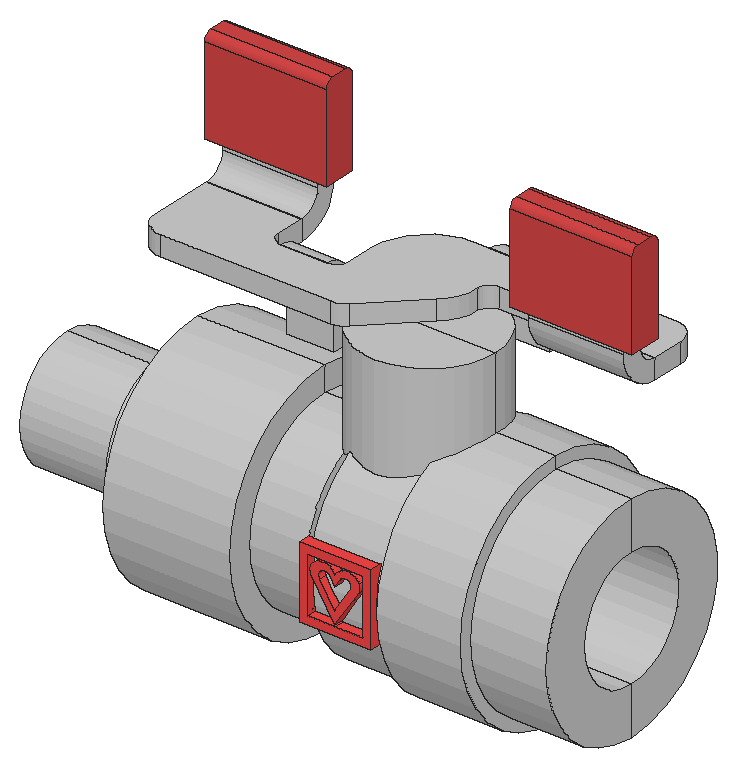
Revit family "Kugelhahn mit Knebelgriff (Blech) 2211", category Rohrzubehör, Revit 2018
Family settings
  Bemaßung runder Anschluss = Durchmesser verwenden
  Teiletyp = Unterbricht
  OmniClass-Nummer = 23.65.55.14
  OmniClass-Titel = Valves for Liquid Services
  Arbeitsebenenbasiert = Nein
  Immer vertikal = Ja
  Beim Laden mit Abzugskörper schneiden = Nein
  Gemeinsam genutzt = Nein
Parameters
  Min.Betriebstemperatur (Wasser) = 0.5 °C  # constant formula
  Min.Betriebstemperatur = -30 °C  # constant formula
  Max.Betriebstemperatur (Wasser - kein Dampf) = 110 °C  # constant formula
  Max.Betriebstemperatur = 150 °C  # constant formula
  Max.Betriebsdruck (Verschraubung) = 1600000.0 Pa  # constant formula
  Max.Betriebsdruck = 2500000.0 Pa  # constant formula
  W01 = 135.00°  # constant formula
  VRL02 [instance] = size_lookup("2211_3X_", "VRL2", 1.000 mm, Nennweite)  # 16.500 mm
  VRL01 [instance] = size_lookup("2211_3X_", "VRL1", 1.000 mm, Nennweite)  # 16.000 mm
  VRD02 [instance] = size_lookup("2211_3X_", "VRD2", 1.000 mm, Nennweite)  # 15.000 mm
  VRD01 [instance] = size_lookup("2211_3X_", "VRD1", 1.000 mm, Nennweite)  # 10.500 mm
  URL = "www.herz-armaturen.at"
  Spindeldichtung = "PTFE"  # constant formula
  Spindel = "Messing nach EN 12164, CW614N"  # constant formula
  SCRNSEQ = "ARM;ARM_TYP=\"ABVS\";2"
  SCRNCODE = "05;10;02"  # constant formula
  S04 [instance] = L07 + VRL01 + VRL02  # 45.600 mm
  S03 = 10.000 mm  # constant formula
  S02 [instance] = 2 * D01  # 19.050 mm
  S01 [instance] = L01 + L02 + L06  # 47.100 mm
  R01 [instance] = size_lookup("2211_3X_", "R1", 1.000 mm, Nennweite)  # 8.500 mm
  Nennweite [instance] = 15.000 mm
  Medium = "Heizungswasserqualität nach ÖNORM H 5195 oder VDI-Richtline 2035.\r\nDie Verwendung von Ethylen- oder Propylenglykol in einem Mischungsverhältnis 25 - 50% ist zulässig."
  L07 [instance] = L01 - L03  # 13.100 mm
  L06 [instance] = size_lookup("2211_3X_", "L6", 1.000 mm, Nennweite)  # 9.600 mm
  L05 [instance] = size_lookup("2211_3X_", "L5", 1.000 mm, Nennweite)  # 19.900 mm
  L04 [instance] = size_lookup("2211_3X_", "L4", 1.000 mm, Nennweite)  # 10.500 mm
  L03 [instance] = size_lookup("2211_3X_", "L3", 1.000 mm, Nennweite)  # 8.400 mm
  L02 [instance] = size_lookup("2211_3X_", "L2", 1.000 mm, Nennweite)  # 16.000 mm
  L01 [instance] = size_lookup("2211_3X_", "L1", 1.000 mm, Nennweite)  # 21.500 mm
  Kugeldichtung = "PTFE"  # constant formula
  Kugel = "geschmiedetes Messing nach EN 12165, voller Durchgang, verchromt, CW617N"  # constant formula
  Innengewinde = "nach ISO 228-1"  # constant formula
  IG [instance] = Nennweite / 2  # 7.500 mm
  Hersteller = "HERZ Armaturen Ges.m.b.H"  # constant formula
  H01 [instance] = size_lookup("2211_3X_", "H1", 1.000 mm, Nennweite)  # 24.000 mm
  Griff = "Knebelgriff rot, Stahlblech beschichtet"  # constant formula
  Gewicht [instance] = if(Nennweite = 15.000 mm, 0.23, if(Nennweite = 20.000 mm, 0.382, if(Nennweite = 25.000 mm, 0.669, if(Nennweite = 32.000 mm, 1.022, 0))))  # 0.23
  Gehäuse = "geschmiedetes Messing nach EN 12165, vernickelt, CW617N"  # constant formula
  GT1 [instance] = size_lookup("2211_3X_", "GT1", 1.000 mm, Nennweite)  # 10.000 mm
  GT [instance] = size_lookup("2211_3X_", "GT", 1.000 mm, Nennweite)  # 13.200 mm
  Einsatzbereich = "Kugelhähne werden zum Absperren von Leitungen und Anlagen verwendet.\r\nEinsatzbereiche sind Heizungs- und Kälteanlagen.\r\nDer Kugelhahn ist nicht geeignet für die Durchflussregelung und muss immer in voll geöffneter oder geschlossener Position verwendet werden."
  Dichtung (Verschraubung) DN32-DN50 = "KLINGER (Flachdichtung)"  # constant formula
  Dichtung (Verschraubung) DN15-DN25 = "EPDM (O-Ring)"  # constant formula
  DN25-DN32 [instance] = if(Nennweite = 25.000 mm, 38.000 mm, 43.000 mm)  # 43.000 mm
  DN25+DN32 [instance] = or(Nennweite = 25.000 mm, Nennweite = 32.000 mm)  # no
  DN15-DN20 [instance] = if(Nennweite = 15.000 mm, 28.000 mm, 31.000 mm)  # 28.000 mm
  DN15+DN20 [instance] = or(Nennweite = 15.000 mm, Nennweite = 20.000 mm)  # yes
  D05 [instance] = size_lookup("2211_3X_", "D5", 1.000 mm, Nennweite)  # 13.500 mm
  D04 [instance] = size_lookup("2211_3X_", "D4", 1.000 mm, Nennweite)  # 14.000 mm
  D03 [instance] = size_lookup("2211_3X_", "D3", 1.000 mm, Nennweite)  # 15.000 mm
  D02 [instance] = size_lookup("2211_3X_", "D2", 1.000 mm, Nennweite)  # 12.000 mm
  D01 [instance] = size_lookup("2211_3X_", "D1", 1.000 mm, Nennweite)  # 9.525 mm
  Bestellnummer [instance] = size_lookup("2211_3X_", "Artnr", 0, Nennweite)  # 1221131
  Außengewinde = "nach ISO 7-1"  # constant formula
  Anwendungen = "Der Kugelhahn wird in der Installation als Absperreinrichtung verwendet.\r\nAnwendungsgebiete sind Zentralheizungs- und Kälteanlagenlagen.\r\nDie Betriebsbedingungen (wie Temperatur und Druck) sollten konstant gehalten werden."
  AG [instance] = Nennweite / 2  # 7.500 mm
Reference planes
  plane 1 "Mitte (Vorne/hinten)": y = 0
  plane 2: z = 0
  plane 3 "Mitte (Links/rechts)": x = 0
Forms (mm)
  Revolve 1, solid, material "Messing, vernickelt", detail levels fine
    sketch origin (0, 0, 0) x (1, 0, 0) y (0, 0, 1)
      loop
        line (16, 13.5) -> (16, 15) -> (5.5, 15) -> (5.5, 14) -> (-3.9, 14) -> (-5.9, 12) -> (-13.1, 12) -> (-13.1, 9.525) -> (-21.5, 9.525) -> (-21.5, 0) -> (15.6, 0) -> (15.6, 7.5) -> (25.6, 7.5) -> (25.6, 13.5) -> (16, 13.5)
      axis (-21.5, 0) -> (25.6, 0)
    angle from 0 to 360
  Revolve 2, solid, material "Messing, vernickelt", detail levels fine
    sketch origin (0, 0, 0) x (1, 0, 0) y (0, 0, 1)
      loop
        line (0, 0) -> (5.522, 0) -> (5.522, 8.202) -> (8.5, 8.202) -> (8.5, 24) -> (0, 24) -> (0, 0)
      axis (0, 24) -> (0, 0)
    angle from 0 to 360
  Revolve 3, solid, material "Messing, vernickelt", detail levels fine
    sketch origin (0, 0, 0) x (1, 0, 0) y (0, 0, 1)
      loop
        line (-13.1, 9.525) -> (-13.1, 15) -> (-29.1, 15) -> (-29.1, 10.5) -> (-32.4, 10.5) -> (-32.4, 7.5) -> (-45.6, 7.5) -> (-45.6, 0) -> (-21.5, 0) -> (-21.5, 9.525) -> (-13.1, 9.525)
      axis (-45.6, 0) -> (-13.1, 0)
    angle from 0 to 360
Lines and regions (mm)
  model lines, detail levels coarse+medium
    curve 1: line (-23.55, 9.525, 0) -> (-23.55, -9.525, 0)
    curve 2: line (-23.55, -9.525, 0) -> (23.55, 9.525, 0)
    curve 3: line (23.55, 9.525, 0) -> (23.55, -9.525, 0)
    curve 4: line (23.55, -9.525, 0) -> (-23.55, 9.525, 0)
    curve 5: circle (0, 0, 0) r 9.525 normal (0, 0, 1)
    curve 6: line (-23.55, 0, 9.525) -> (-23.55, 0, -9.525)
    curve 7: line (-23.55, 0, -9.525) -> (23.55, 0, 9.525)
    curve 8: line (23.55, 0, 9.525) -> (23.55, 0, -9.525)
    curve 9: line (23.55, 0, -9.525) -> (-23.55, 0, 9.525)
    curve 10: circle (0, 0, 0) r 9.525 normal (0, -1, 0)
    curve 11: line (-23.55, 0, 9.525) -> (-33.55, 0, 9.525)
    curve 12: line (-33.55, 0, 9.525) -> (-23.55, 0, 0)
    curve 13: line (-23.55, 0, -9.525) -> (-33.55, 0, -9.525)
    curve 14: line (-33.55, 0, -9.525) -> (-23.55, 0, 0)
    curve 15: line (-23.55, 0, 0) -> (-45.6, 0, 0)
    curve 16: line (-23.55, 9.525, 0) -> (-33.55, 9.525, 0)
    curve 17: line (-33.55, 9.525, 0) -> (-23.55, 0, 0)
    curve 18: line (-23.55, -9.525, 0) -> (-33.55, -9.525, 0)
    curve 19: line (-33.55, -9.525, 0) -> (-23.55, 0, 0)
    curve 20: line (-23.55, 0, 0) -> (-45.6, 0, 0)
Dimensions and locks
  "L01": Revolve 1 sketch curve to plane 3 "Mitte (Links/rechts)"
  "L02": Revolve 1 sketch curve to plane 3 "Mitte (Links/rechts)"
  "D01": Revolve 1 sketch curve to plane 2
  "D02": Revolve 1 sketch curve to plane 2
  "L03": Revolve 1 sketch curve to Revolve 1 sketch curve
  "R01": Revolve 2 sketch curve to plane 3 "Mitte (Links/rechts)"
  "H01": Revolve 2 sketch curve to plane 2
  "D03": Revolve 1 sketch curve to plane 2
  "D04": Revolve 1 sketch curve to plane 2
  "L04": Revolve 1 sketch curve to Revolve 1 sketch curve
  "L05": Revolve 1 sketch curve to Revolve 1 sketch curve
  "IG": Revolve 1 sketch curve to Revolve 1 sketch curve
  "GT1": Revolve 1 sketch curve to Revolve 1 sketch curve
  "L06": Revolve 1 sketch curve to Revolve 1 sketch curve
  "D05": Revolve 1 sketch curve to Revolve 1 sketch curve
  "D04": nested 1 to plane 1 "Mitte (Vorne/hinten)"
  equal spacing: curve 2, plane 1 "Mitte (Vorne/hinten)", curve 4
  equal spacing: curve 4, plane 1 "Mitte (Vorne/hinten)", curve 3
  "S02": curve 4 to curve 2
  "S02": curve 3 to curve 4
  equal spacing: curve 1, plane 3 "Mitte (Links/rechts)", curve 3
  "S01": curve 1 to curve 3
  "S02": curve 9 to curve 7
  equal spacing: curve 9, plane 2, curve 7
  equal spacing: curve 8, plane 2, curve 9
  "S02": curve 8 to curve 9
  "S01": curve 6 to curve 8
  equal spacing: curve 6, plane 3 "Mitte (Links/rechts)", curve 8
  "AG": Revolve 3 sketch curve to plane 2
  "D01": Revolve 3 sketch curve to Revolve 3 sketch curve
  "L03": Revolve 3 sketch curve to Revolve 3 sketch curve
  "L07": plane 3 "Mitte (Links/rechts)" to Revolve 3 sketch curve
  "VRL01": Revolve 3 sketch curve to Revolve 3 sketch curve
  "VRL02": Revolve 3 sketch curve to Revolve 3 sketch curve
  "GT": Revolve 3 sketch curve to Revolve 3 sketch curve
  "VRD01": Revolve 3 sketch curve to level
  "VRD02": Revolve 3 sketch curve to Revolve 3 sketch curve
  "S04": plane 3 "Mitte (Links/rechts)" to curve 15
  "S03": curve 12 to curve 6
  "S03": curve 17 to curve 1
  "S04": curve 20 to plane 3 "Mitte (Links/rechts)"
  "DN15-DN20": nested 2 to plane 2
  "DN25-DN32": nested 3 to plane 2
  "S02": diameter of curve 5
  "S02": diameter of curve 10
  "W01": angle Revolve 1 sketch curve to Revolve 1 sketch curve
  aligned and locked: level to plane 2
Automatic sketch dimensions
  curve 10 to level = 0.000 mm
  curve 10 to plane 3 "Mitte (Links/rechts)" = 0.000 mm
  curve 15 to level = 0.000 mm
  curve 12 to level = 0.000 mm
  curve 13 to curve 6 = 10.000 mm
  plane 1 "Mitte (Vorne/hinten)" to curve 5 = 0.000 mm
  curve 5 to plane 3 "Mitte (Links/rechts)" = 0.000 mm
  plane 1 "Mitte (Vorne/hinten)" to curve 20 = 0.000 mm
  plane 1 "Mitte (Vorne/hinten)" to curve 19 = 0.000 mm
  curve 18 to curve 1 = 10.000 mm
  Revolve 1 sketch curve to level = 0.000 mm  (x2)
  Revolve 1 sketch curve to Revolve 1 sketch curve = 1481.630 mm
  Revolve 1 sketch curve to Revolve 1 sketch curve = 1814.648 mm
  Revolve 2 sketch curve to level = 0.000 mm
  Revolve 2 sketch curve to plane 3 "Mitte (Links/rechts)" = 0.000 mm  (x2)
  plane 3 "Mitte (Links/rechts)" to Revolve 2 sketch curve = 5.522 mm
  level to Revolve 2 sketch curve = 8.202 mm
  Revolve 2 sketch curve to Revolve 2 sketch curve = 366.045 mm
  Revolve 2 sketch curve to Revolve 2 sketch curve = 2190.315 mm
  Revolve 3 sketch curve to level = 0.000 mm  (x2)
  Revolve 3 sketch curve to Revolve 3 sketch curve = 1461.804 mm
  plane 3 "Mitte (Links/rechts)" to Revolve 3 sketch curve = 1839.148 mm
Nested families
  nested 1: "Herz-Logo-vorne" at (0, -14, 0) x (0, 1, 0) z (0, 0, 1), type "Herz-Logo-vorne", detail levels fine
  nested 2: "Knebelgriff (Blech) DN15-DN20" at (0, 0, 28), visible <- "DN15+DN20", type "Knebelgriff (Blech) DN15-DN20"
  nested 3: "Knebelgriff (Blech) DN25-DN32" at (0, 0, 43), visible <- "DN25+DN32", type "Knebelgriff (Blech) DN25-DN32"
Connectors
  piping at (6.5, 0, 0), diameter 15, driven by "Nennweite"
    settings: on Revolve 1, index 1, connector inside diameter 609.6 mm, connector length 0.000 mm, flow factor 0, pipe flow 0.0 L/s, pressure drop 0.0 Pa, fitting loss kfactor 0, connector angle 0.00°, fixture units 0, engagement length 0.000 mm, angle of deflection 0.00°, flow configuration 0, flow direction 0, fitting loss method 0, system type 7, joint type 0, gender type 0, connector reference index -1, connector utility 0, adjustable connector no, is connector primary yes, connector description ""
  piping at (-45.6, 0, 0), diameter 15, driven by "Nennweite"
    settings: on Revolve 3, index 2, connector inside diameter 609.6 mm, connector length 0.000 mm, flow factor 0, pipe flow 0.0 L/s, pressure drop 0.0 Pa, fitting loss kfactor 0, connector angle 0.00°, fixture units 0, engagement length 0.000 mm, angle of deflection 0.00°, flow configuration 0, flow direction 0, fitting loss method 0, system type 7, joint type 0, gender type 0, connector reference index -1, connector utility 0, adjustable connector no, is connector primary no, connector description ""
Definition of nested family "Herz-Logo-vorne"
  Reference planes
    plane 1 "Mitte (Vorne/hinten)": y = 0
    plane 2: z = 0
    plane 3 "Mitte (Links/rechts)": x = 0
  Forms (mm)
    Extrusion 1, solid
      sketch origin (0.732, -0.018, 0.017) x (0, -1, 0) y (0, 0, 1)
        loop
          line (-0.018, -4.517) -> (4.482, -4.517) -> (4.482, 4.483) -> (-4.518, 4.483) -> (-4.518, -4.517) -> (-0.018, -4.517)
        loop
          line (-0.05, -3.48) -> (3.482, -3.48) -> (3.482, 3.483) -> (-3.518, 3.483) -> (-3.518, -3.48) -> (-0.05, -3.48)
        loop
          arc (-0.018, 2.383) -> (-1.543, 3.287) -> (-3.067, 2.383) r 1.738
          arc (-3.067, 2.383) -> (-3.191, 1.899) -> (-3.067, 1.415) r 1.009
          line (-3.067, 1.415) -> (-0.018, -3.281) -> (3.032, 1.415)
          arc (3.032, 1.415) -> (3.156, 1.899) -> (3.032, 2.383) r 1.009
          arc (3.032, 2.383) -> (1.507, 3.287) -> (-0.018, 2.383) r 1.738
        loop
          arc (1.885, 1.272) -> (2.005, 1.675) -> (1.885, 2.079) r 0.74
          arc (1.885, 2.079) -> (1.265, 2.416) -> (0.644, 2.079) r 0.74
          line (0.644, 2.079) -> (-0.018, 0.97) -> (-0.679, 2.079)
          arc (-0.679, 2.079) -> (-1.3, 2.416) -> (-1.921, 2.079) r 0.74
          arc (-1.921, 2.079) -> (-2.04, 1.675) -> (-1.921, 1.272) r 0.74
          line (-1.921, 1.272) -> (-0.018, -1.658) -> (1.885, 1.272)
      from 0 to 1.5
  Dimensions and locks
    aligned and locked: level to plane 2
Definition of nested family "Knebelgriff (Blech) DN15-DN20"
  Reference planes
    plane 1 "Mitte (Vorne/hinten)": y = 0
    plane 2: z = 0
    plane 3 "Mitte (Links/rechts)": x = 0
  Forms (mm)
    Extrusion 1, solid, detail levels fine
      sketch origin (0, 0, 0) x (1, 0, 0) y (0, 1, 0)
        loop
          line (-7, 0) -> (-7, -3.8)
          arc (-7, -3.8) -> (-7.439, -4.861) -> (-8.5, -5.3) r 1.5
          line (-8.5, -5.3) -> (-14.5, -5.3)
          arc (-14.5, -5.3) -> (-15.561, -4.861) -> (-16, -3.8) r 1.5
          line (-16, -3.8) -> (-16, 0) -> (-28, 0) -> (-28, -8.1)
          arc (-28, -8.1) -> (-27.121, -10.221) -> (-25, -11.1) r 3
          line (-25, -11.1) -> (-3.453, -11.1)
          arc (-3.453, -11.1) -> (-2.496, -10.91) -> (-1.685, -10.368) r 2.5
          line (-1.685, -10.368) -> (4.443, -4.24)
          arc (4.443, -4.24) -> (5.743, -2.295) -> (6.2, 0) r 6
          arc (6.2, 0) -> (6.64, 1.06) -> (7.7, 1.499) r 1.5
          line (7.7, 1.499) -> (15.1, 1.499)
          arc (15.1, 1.499) -> (16.16, 1.06) -> (16.6, 0) r 1.5
          line (16.6, 0) -> (28.6, 0) -> (28.6, 4)
          arc (28.6, 4) -> (27.721, 6.121) -> (25.6, 7) r 3
          line (25.6, 7) -> (0, 7)
          arc (0, 7) -> (-4.95, 4.95) -> (-7, 0) r 7
      from 0 to 2.5
    Extrusion 2, solid, detail levels fine
      sketch origin (0, 0, 0) x (0, 1, 0) y (0, 0, 1)
        loop
          arc (2.5, 5) -> (1.768, 3.232) -> (0, 2.5) r 2.5
          line (0, 2.5) -> (0, 0)
          arc (0, 0) -> (3.536, 1.464) -> (5, 5) r 5
          line (5, 5) -> (5, 6) -> (2.5, 6) -> (2.5, 5)
      from -28 to -16
    Extrusion 3, solid, detail levels fine
      sketch origin (0, 5.3, 0) x (0, 1, 0) y (0, 0, 1)
        loop
          line (-7.8, 5) -> (-7.8, 6) -> (-10.3, 6) -> (-10.3, 5)
          arc (-10.3, 5) -> (-8.836, 1.464) -> (-5.3, 0) r 5
          line (-5.3, 0) -> (-5.3, 2.5)
          arc (-5.3, 2.5) -> (-7.068, 3.232) -> (-7.8, 5) r 2.5
      from 16.6 to 28.6
    Extrusion 4, solid, detail levels fine
      sketch origin (0, 0, 0) x (0, 1, 0) y (0, 0, 1)
        loop
          line (5.75, 6) -> (5.75, 17.041)
          arc (5.75, 17.041) -> (5.469, 17.719) -> (4.791, 18) r 0.959
          line (4.791, 18) -> (2.773, 18)
          arc (2.773, 18) -> (2.05, 17.7) -> (1.75, 16.977) r 1.023
          line (1.75, 16.977) -> (1.75, 6) -> (5.75, 6)
      from -29.7 to -14.3
    Extrusion 5, solid, detail levels fine
      sketch origin (0, 0, 0) x (0, 1, 0) y (0, 0, 1)
        loop
          line (-5.75, 6) -> (-1.75, 6) -> (-1.75, 17)
          arc (-1.75, 17) -> (-2.043, 17.707) -> (-2.75, 18) r 1
          line (-2.75, 18) -> (-4.75, 18)
          arc (-4.75, 18) -> (-5.457, 17.707) -> (-5.75, 17) r 1
          line (-5.75, 17) -> (-5.75, 6)
      from 30.3 to 14.9
    Extrusion 6, solid, detail levels fine
      sketch origin (0, 0, 0) x (0, 1, 0) y (0, 0, 1)
        loop
          line (9, -2) -> (9, -8) -> (11.5, -8) -> (11.5, -2)
          arc (11.5, -2) -> (10.182, 1.182) -> (7, 2.5) r 4.5
          line (7, 2.5) -> (7, 0)
          arc (7, 0) -> (8.414, -0.586) -> (9, -2) r 2
      from 8.1 to 2.1
    Extrusion 7, solid, detail levels fine
      sketch origin (0, 0, 0) x (0, 1, 0) y (0, 0, 1)
        loop
          line (-4.3, -1) -> (-4.3, -8) -> (-1.8, -8) -> (-1.8, -1)
          arc (-1.8, -1) -> (-2.825, 1.475) -> (-5.3, 2.5) r 3.5
          line (-5.3, 2.5) -> (-5.3, 0)
          arc (-5.3, 0) -> (-4.593, -0.293) -> (-4.3, -1) r 1
      from -14.5 to -8.5
  Dimensions and locks
    aligned and locked: level to plane 2
Definition of nested family "Knebelgriff (Blech) DN25-DN32"
  Reference planes
    plane 1 "Mitte (Vorne/hinten)": y = 0
    plane 2: z = 0
    plane 3 "Mitte (Links/rechts)": x = 0
  Forms (mm)
    Extrusion 1, solid, detail levels fine
      sketch origin (0, 0, 0) x (1, 0, 0) y (0, 1, 0)
        loop
          arc (0, 9) -> (-6.364, 6.364) -> (-9, 0) r 9
          line (-9, 0) -> (-9, -4.1)
          arc (-9, -4.1) -> (-9.439, -5.161) -> (-10.5, -5.6) r 1.5
          line (-10.5, -5.6) -> (-20, -5.6)
          arc (-20, -5.6) -> (-21.061, -5.161) -> (-21.5, -4.1) r 1.5
          line (-21.5, -4.1) -> (-21.5, 0) -> (-39.1, 0) -> (-39.1, -10.6)
          arc (-39.1, -10.6) -> (-38.221, -12.721) -> (-36.1, -13.6) r 3
          line (-36.1, -13.6) -> (-10.5, -13.6)
          arc (-10.5, -13.6) -> (-8.037, -13.275) -> (-5.742, -12.323) r 9.5
          line (-5.742, -12.323) -> (0, -9)
          arc (0, -9) -> (2.463, -8.675) -> (4.758, -7.723) r 9.5
          line (4.758, -7.723) -> (16.029, -0.25)
          arc (16.029, -0.25) -> (16.522, 0.291) -> (16.7, 1) r 1.5
          arc (16.7, 1) -> (17.139, 2.061) -> (18.2, 2.5) r 1.5
          line (18.2, 2.5) -> (20.9, 2.5)
          arc (20.9, 2.5) -> (21.961, 2.061) -> (22.4, 1) r 1.5
          line (22.4, 1) -> (22.4, 0) -> (40, 0) -> (40, 7.5)
          arc (40, 7.5) -> (39.121, 9.621) -> (37, 10.5) r 3
          line (37, 10.5) -> (2.1, 10.5) -> (2.1, 9) -> (0, 9)
      from 0 to 3
    Extrusion 2, solid, detail levels fine
      sketch origin (0, 0, 0) x (0, 1, 0) y (0, 0, 1)
        loop
          arc (3, 6) -> (2.121, 3.879) -> (0, 3) r 3
          line (0, 3) -> (0, 0)
          arc (0, 0) -> (4.243, 1.757) -> (6, 6) r 6
          line (6, 6) -> (3, 6)
      from -39.1 to -21.5
    Extrusion 3, solid, detail levels fine
      sketch origin (0, 0, 0) x (0, 1, 0) y (0, 0, 1)
        loop
          arc (0, 3) -> (-2.121, 3.879) -> (-3, 6) r 3
          line (-3, 6) -> (-6, 6)
          arc (-6, 6) -> (-4.243, 1.757) -> (0, 0) r 6
          line (0, 0) -> (0, 3)
      from 22.4 to 40
    Extrusion 4, solid, detail levels fine
      sketch origin (0, 0, 0) x (0, 1, 0) y (0, 0, 1)
        loop
          line (7.5, 6) -> (7.5, 24.5)
          arc (7.5, 24.5) -> (7.061, 25.561) -> (6, 26) r 1.5
          line (6, 26) -> (3, 26)
          arc (3, 26) -> (1.939, 25.561) -> (1.5, 24.5) r 1.5
          line (1.5, 24.5) -> (1.5, 6) -> (7.5, 6)
      from -42.05 to -18.55
    Extrusion 5, solid, detail levels fine
      sketch origin (0, 0, 0) x (0, 1, 0) y (0, 0, 1)
        loop
          line (-7.5, 6) -> (-1.5, 6) -> (-1.5, 24.5)
          arc (-1.5, 24.5) -> (-1.939, 25.561) -> (-3, 26) r 1.5
          line (-3, 26) -> (-6, 26)
          arc (-6, 26) -> (-7.061, 25.561) -> (-7.5, 24.5) r 1.5
          line (-7.5, 24.5) -> (-7.5, 6)
      from 19.45 to 42.95
    Extrusion 6, solid, detail levels fine
      sketch origin (0, 0, 0) x (0, 1, 0) y (0, 0, 1)
        loop
          arc (14, -0.5) -> (12.975, 1.975) -> (10.5, 3) r 3.5
          line (10.5, 3) -> (10.5, 0)
          arc (10.5, 0) -> (10.854, -0.146) -> (11, -0.5) r 0.5
          line (11, -0.5) -> (11, -9) -> (14, -9) -> (14, -0.5)
      from 2.1 to 8.1
    Extrusion 7, solid, detail levels fine
      sketch origin (0, -16.1, 0) x (0, 1, 0) y (0, 0, 1)
        loop
          arc (14, -0.5) -> (12.975, 1.975) -> (10.5, 3) r 3.5
          line (10.5, 3) -> (10.5, 0)
          arc (10.5, 0) -> (10.854, -0.146) -> (11, -0.5) r 0.5
          line (11, -0.5) -> (11, -9) -> (14, -9) -> (14, -0.5)
      from -12 to -18
  Dimensions and locks
    aligned and locked: level to plane 2
